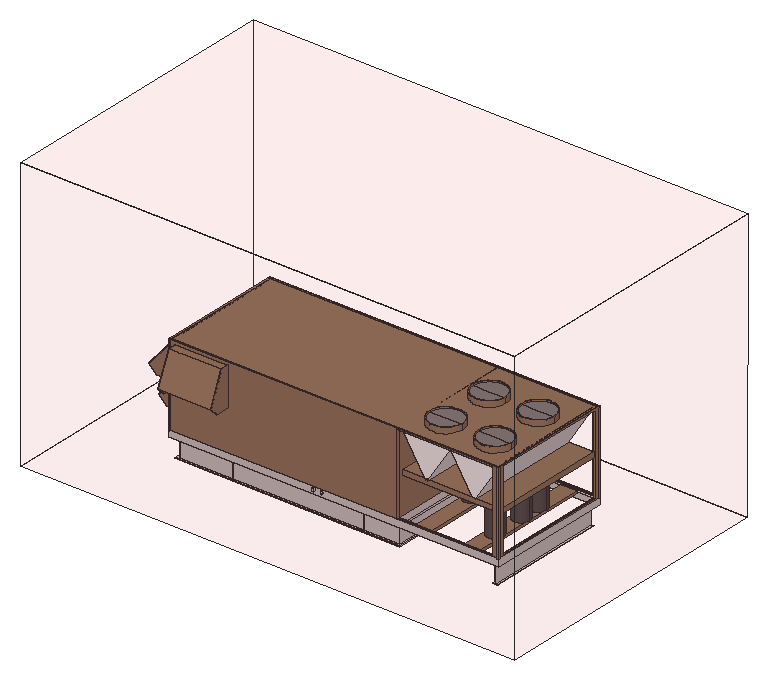
Revit family (continued)
Definition of nested family "Commercial_Comfort_Systems-Series_40-JCI-Economizer_Hood"
  Dimensions and locks (in)
    aligned and locked: plane 10 "Left" to curve 13
    aligned and locked: curve 12 to plane 5 "Top"
    aligned and locked: curve 13 to plane 5 "Top"
    aligned and locked: plane 9 "Right" to curve 14
    aligned and locked: plane 9 "Right" to curve 15
    aligned and locked: plane 10 "Left" to curve 14
    aligned and locked: plane 10 "Left" to curve 15
    aligned and locked: curve 14 to plane 2 "Bottom"
    aligned and locked: curve 15 to plane 8 "Bottom Inset"
    aligned and locked: plane 5 "Top" to Extrusion 1
    aligned and locked: Extrusion 3 to plane 13 "Top Inset"  (x5)
    aligned and locked: plane 5 "Top" to Extrusion 3
    aligned and locked: plane 5 "Top" to Extrusion 2
    aligned and locked: plane 5 "Top" to Masking region 1
    aligned and locked: plane 10 "Left" to Extrusion 4 sketch curve
    aligned and locked: plane 16 "Cap Back" to Extrusion 4 sketch curve
    aligned and locked: Extrusion 4 sketch curve to plane 1 "Back"
    aligned and locked: plane 9 "Right" to Extrusion 4 sketch curve
    aligned and locked: plane 5 "Top" to Extrusion 4
    aligned and locked: Extrusion 4 to plane 2 "Bottom"
    aligned and locked: plane 1 "Back" to curve 12  (x2)
    aligned and locked: curve 17 to plane 9 "Right"
    aligned and locked: plane 16 "Cap Back" to Extrusion 4
    aligned and locked: plane 16 "Cap Back" to curve 18
    aligned and locked: plane 10 "Left" to curve 18
    aligned and locked: plane 9 "Right" to curve 18
    aligned and locked: curve 19 to plane 9 "Right"
    aligned and locked: plane 5 "Top" to curve 19
    aligned and locked: curve 20 to plane 2 "Bottom"
    aligned and locked: plane 9 "Right" to curve 20
    aligned and locked: plane 10 "Left" to curve 20
    aligned and locked: plane 10 "Left" to curve 21
    aligned and locked: plane 5 "Top" to curve 21
    aligned and locked: plane 2 "Bottom" to curve 21
    aligned and locked: plane 16 "Cap Back" to curve 22
    aligned and locked: plane 1 "Back" to curve 22
    aligned and locked: curve 22 to plane 10 "Left"
    aligned and locked: plane 16 "Cap Back" to curve 23
    aligned and locked: plane 1 "Back" to curve 23
    aligned and locked: plane 9 "Right" to curve 23
  Automatic sketch dimensions
    curve 17 to plane 1 "Back" = 0"
    curve 16 to plane 1 "Back" = 0"
Definition of nested family "Commercial_Comfort_Systems-Series_40-JCI-Condenser_Coil"
  Parameters (values of type "Condenser_Coil")
    Width = 67"
    Thickness = 2"
    Material = none
    Height = 27 3/8"
    Depth = 84"
    Condenser Material = Metal - JCI - Aluminum - Perforated - Micro Channel
    Assembly Code = ""
  Reference planes (in)
    plane 1 "Center (Front/Back)": y = 0
    plane 2 "Bottom": z = 0
    plane 3 "Center (Left/Right)": x = 0
    plane 4: x = -33.5
    plane 5 "Right": x = 33.5
    plane 6 "Top": z = 27.375
    plane 7 "Front": y = -42
    plane 8 "Back": y = 42
    plane 9: x = -16.75
    plane 10: x = 16.75
    plane 11: x = 17.75
    plane 12: x = 15.75
    plane 13: x = 1
    plane 14: x = -1
    plane 15: x = -15.75
    plane 16: x = -17.75
    plane 17: x = 32.5
    plane 18: x = 34.5
    plane 19: x = -34.5
    plane 20: x = -32.5
    plane 21 "Top Inset": z = 26.375
    plane 22 "Bottom Inset": z = 1
    plane 23 "Top of Angle": z = 24.86007
  Forms (in)
    Extrusion 1, solid, material "Metal - JCI - Aluminum - Perforated - Micro Channel" <- "Condenser Material", detail levels fine
      sketch origin (0, 0, 0) x (1, 0, 0) y (0, 0, 1)
        loop
          line (34.5, 26.375) -> (34.5, 27.375) -> (-34.5, 27.375) -> (-34.5, 26.375) -> (-17.75, 1) -> (-15.75, 1) -> (0, 24.86007) -> (15.75, 1) -> (17.75, 1) -> (34.5, 26.375)
      from -42 to 42
  Lines and regions (in)
    Masking region 1, detail levels fine
      outline origin (0, 0, 0) x (1, 0, 0) y (0, 1, 0)
        loop
          line (-34.5, 42) -> (-34.5, -42) -> (34.5, -42) -> (34.5, 42) -> (-34.5, 42)
    Masking region 2, detail levels fine
      outline origin (0, 0, 0) x (1, 0, 0) y (0, 0, 1)
        loop
          line (-34.5, 27.375) -> (-34.5, 26.375) -> (-17.75, 1) -> (-17.75, 0) -> (-15.75, 0) -> (-15.75, 1) -> (0, 24.86007) -> (15.75, 1) -> (15.75, 0) -> (17.75, 0) -> (17.75, 1) -> (34.5, 26.375) -> (34.5, 27.375) -> (-34.5, 27.375)
    Masking region 3, detail levels fine
      outline origin (0, 0, 0) x (0, 1, 0) y (0, 0, 1)
        loop
          line (-42, 27.375) -> (-42, 0) -> (42, 0) -> (42, 27.375) -> (-42, 27.375)
    model lines, detail levels medium
      curve 1: line (-34.5, -42, 27.375) -> (34.5, -42, 27.375)
      curve 2: line (-17.75, -42, 1) -> (-15.75, -42, 1)
      curve 3: line (15.75, -42, 1) -> (17.75, -42, 1)
      curve 4: line (-34.5, -42, 27.375) -> (-34.5, -42, 26.375)
      curve 5: line (34.5, -42, 27.375) -> (34.5, -42, 26.375)
      curve 6: line (-34.5, 42, 27.375) -> (34.5, 42, 27.375)
      curve 7: line (34.5, 42, 27.375) -> (34.5, 42, 26.375)
      curve 8: line (-34.5, 42, 27.375) -> (-34.5, 42, 26.375)
      curve 9: line (-17.75, 42, 1) -> (-15.75, 42, 1)
      curve 10: line (15.75, 42, 1) -> (17.75, 42, 1)
    model lines, style "Condenser Coil", detail levels medium
      curve 11: line (34.5, 42, 26.375) -> (17.75, 42, 1)
      curve 12: line (0, 42, 24.86007) -> (15.75, 42, 1)
      curve 13: line (-34.5, 42, 26.375) -> (-17.75, 42, 1)
      curve 14: line (0, 42, 24.86007) -> (-15.75, 42, 1)
      curve 15: line (34.5, -42, 26.375) -> (17.75, -42, 1)
      curve 16: line (0, -42, 24.86007) -> (15.75, -42, 1)
      curve 17: line (0, -42, 24.86007) -> (-15.75, -42, 1)
      curve 18: line (-34.5, -42, 26.375) -> (-17.75, -42, 1)
      curve 19: line (34.5, 42, 27.375) -> (34.5, -42, 27.375)
      curve 20: line (-34.5, 42, 27.375) -> (-34.5, -42, 27.375)
      curve 21: line (-17.75, 42, 1) -> (-17.75, -42, 1)
      curve 22: line (-15.75, 42, 1) -> (-15.75, -42, 1)
      curve 23: line (15.75, 42, 1) -> (15.75, -42, 1)
      curve 24: line (17.75, 42, 1) -> (17.75, -42, 1)
      curve 25: line (0, -42, 24.86007) -> (0, 42, 24.86007)
  Dimensions and locks (in)
    "Height": plane 6 "Top" to plane 2 "Bottom"
    equal spacing: plane 8 "Back", plane 1 "Center (Front/Back)", plane 7 "Front"
    "Depth": plane 8 "Back" to plane 7 "Front"
    equal spacing: plane 5 "Right", plane 10, plane 3 "Center (Left/Right)", plane 9, plane 4
    "Width": plane 5 "Right" to plane 4
    equal spacing: plane 18, plane 5 "Right", plane 17
    equal spacing: plane 12, plane 10, plane 11
    equal spacing: plane 14, plane 3 "Center (Left/Right)", plane 13
    equal spacing: plane 16, plane 9, plane 15
    equal spacing: plane 19, plane 4, plane 20
    "Thickness": plane 20 to plane 19
    "Thickness": plane 15 to plane 16
    "Thickness": plane 13 to plane 14
    "Thickness": plane 11 to plane 12
    "Thickness": plane 18 to plane 17
    locked: plane 6 "Top" to plane 21 "Top Inset" at 1
    locked: plane 22 "Bottom Inset" to plane 2 "Bottom" at 1
    locked: plane 6 "Top" to plane 23 "Top of Angle" at 2.51493
    aligned and locked: level to plane 2 "Bottom"
    aligned and locked: plane 22 "Bottom Inset" to Extrusion 1 sketch curve  (x3)
    aligned and locked: plane 16 to Extrusion 1 sketch curve
    aligned and locked: plane 12 to Extrusion 1 sketch curve
    aligned and locked: plane 21 "Top Inset" to Extrusion 1 sketch curve  (x2)
    aligned and locked: plane 15 to Extrusion 1 sketch curve
    aligned and locked: plane 11 to Extrusion 1 sketch curve
    aligned and locked: Extrusion 1 sketch curve to plane 22 "Bottom Inset"
    aligned and locked: Extrusion 1 to plane 8 "Back"
    aligned and locked: Extrusion 1 to plane 7 "Front"
    aligned and locked: plane 19 to Masking region 1 sketch curve
    aligned and locked: plane 18 to Masking region 1 sketch curve
    aligned and locked: plane 8 "Back" to Masking region 1 sketch curve
    aligned and locked: plane 7 "Front" to Masking region 1 sketch curve
    aligned and locked: plane 2 "Bottom" to Masking region 2 sketch curve  (x2)
    aligned and locked: plane 16 to Masking region 2 sketch curve
    aligned and locked: plane 12 to Masking region 2 sketch curve
    aligned and locked: plane 11 to Masking region 2 sketch curve
    aligned and locked: plane 18 to Masking region 2 sketch curve
    aligned and locked: Masking region 2 sketch curve to plane 6 "Top"
    aligned and locked: plane 21 "Top Inset" to Masking region 2 sketch curve  (x2)
    aligned and locked: plane 22 "Bottom Inset" to Masking region 2 sketch curve  (x4)
    aligned and locked: plane 3 "Center (Left/Right)" to Masking region 2 sketch curve
    aligned and locked: plane 15 to Masking region 2 sketch curve
    aligned and locked: plane 19 to Masking region 2 sketch curve
    aligned and locked: plane 18 to Extrusion 1 sketch curve
    aligned and locked: plane 19 to Extrusion 1 sketch curve
    aligned and locked: Extrusion 1 sketch curve to plane 6 "Top"
    aligned and locked: plane 18 to curve 6
    aligned and locked: plane 18 to curve 1
    aligned and locked: plane 6 "Top" to curve 5
    aligned and locked: plane 6 "Top" to curve 7
    aligned and locked: plane 21 "Top Inset" to curve 7
    aligned and locked: plane 21 "Top Inset" to curve 5
    aligned and locked: plane 19 to curve 6
    aligned and locked: plane 19 to curve 1
    aligned and locked: curve 1 to plane 6 "Top"
    aligned and locked: curve 6 to plane 6 "Top"
    aligned and locked: plane 15 to curve 2
    aligned and locked: plane 12 to curve 3
    aligned and locked: plane 11 to curve 3
    aligned and locked: plane 11 to curve 10
    aligned and locked: curve 3 to plane 22 "Bottom Inset"
    aligned and locked: curve 10 to plane 22 "Bottom Inset"
    aligned and locked: plane 18 to curve 11
    aligned and locked: plane 22 "Bottom Inset" to curve 11
    aligned and locked: plane 12 to curve 12
    aligned and locked: plane 15 to curve 14
    aligned and locked: plane 22 "Bottom Inset" to curve 2
    aligned and locked: plane 19 to curve 13
    aligned and locked: plane 16 to curve 13
    aligned and locked: plane 3 "Center (Left/Right)" to curve 14
    aligned and locked: plane 18 to curve 15
    aligned and locked: plane 22 "Bottom Inset" to curve 15
    aligned and locked: plane 3 "Center (Left/Right)" to curve 17
    aligned and locked: plane 22 "Bottom Inset" to curve 17
    aligned and locked: plane 16 to curve 18
    aligned and locked: plane 19 to curve 18
    aligned and locked: plane 21 "Top Inset" to curve 18
    aligned and locked: plane 8 "Back" to curve 19
    aligned and locked: plane 8 "Back" to curve 24
    aligned and locked: plane 8 "Back" to curve 23
    aligned and locked: plane 8 "Back" to curve 22
    aligned and locked: plane 8 "Back" to curve 21
    aligned and locked: plane 8 "Back" to curve 20
    aligned and locked: plane 7 "Front" to curve 19
    aligned and locked: plane 7 "Front" to curve 24
    aligned and locked: plane 7 "Front" to curve 23
    aligned and locked: plane 7 "Front" to curve 22
    aligned and locked: plane 7 "Front" to curve 21
    aligned and locked: plane 7 "Front" to curve 20
    aligned and locked: plane 18 to curve 19
    aligned and locked: plane 11 to curve 24
    aligned and locked: curve 23 to plane 12
    aligned and locked: plane 15 to curve 22
    aligned and locked: curve 21 to plane 16
    aligned and locked: curve 20 to plane 19
    aligned and locked: plane 8 "Back" to curve 25
    aligned and locked: plane 7 "Front" to curve 25
    aligned and locked: curve 25 to plane 23 "Top of Angle"
    aligned and locked: Masking region 3 sketch curve to plane 6 "Top"
    aligned and locked: plane 8 "Back" to Masking region 3 sketch curve
    aligned and locked: plane 2 "Bottom" to Masking region 3 sketch curve
    aligned and locked: plane 7 "Front" to Masking region 3 sketch curve
  Automatic sketch dimensions
    Masking region 2 sketch curve to plane 21 "Top Inset" = 1.51493"
    Extrusion 1 sketch curve to plane 3 "Center (Left/Right)" = 0"
    Extrusion 1 sketch curve to plane 21 "Top Inset" = 1.51493"
    curve 13 to plane 22 "Bottom Inset" = 0"
    curve 8 to plane 21 "Top Inset" = 0"
    plane 21 "Top Inset" to curve 12 = 1.51493"
    curve 16 to plane 21 "Top Inset" = 1.51493"
Definition of nested family "Commercial_Comfort_Systems-Series_40-JCI-Compressor"
  Parameters (values of type "Compressor")
    Model = "Compressor"  # constant formula
    Manufacturer = "York"  # constant formula
    Cylinder Material = Metal - JCI - Cast Iron - Coated Black
    Assembly Code = ""
  Reference planes (in)
    plane 1 "Center (Front/Back)": y = 0
    plane 2 "Compressor Bottom": z = 0
    plane 3 "Center (Left/Right)": x = 0
    plane 4 "Compressor Top": z = 20
  Forms (in)
    Sweep 1, solid, material "Metal - JCI - Cast Iron - Coated Black" <- "Cylinder Material", detail levels fine
      path origin (0, 0, 0) x (1, 0, 0) y (0, 0, 1)
        loop
          line (0, 0) -> (0, 20)
      profile origin (0, 0, 10) x (-1, 0, 0) y (0, -1, 0)
        loop
          circle (0, 0) r 6
  Lines and regions (in)
    Masking region 1, detail levels fine
      outline origin (0, 0, 0) x (1, 0, 0) y (0, 0, 1)
        loop
          line (-6, 20) -> (-6, 0) -> (6, 0) -> (6, 20) -> (-6, 20)
    Masking region 2, detail levels fine
      outline origin (0, 0, 0) x (0, 1, 0) y (0, 0, 1)
        loop
          line (6, 20) -> (-6, 20) -> (-6, 0) -> (6, 0) -> (6, 20)
    model lines, style "Compressor Fine", detail levels medium
      curve 1: circle (0, 0, 20) r 6 normal (0, 0, 1)
      curve 2: circle (0, 0, 0) r 6 normal (0, 0, 1)
      curve 3: line (0, 6, 20) -> (0, 6, 0)
      curve 4: line (0, -6, 20) -> (0, -6, 0)
      curve 5: line (-6, 0, 20) -> (-6, 0, 0)
      curve 6: line (6, 0, 20) -> (6, 0, 0)
  Dimensions and locks (in)
    locked: curve 3 to plane 1 "Center (Front/Back)" at 6
    locked: plane 1 "Center (Front/Back)" to curve 4 at 6
    locked: curve 5 to plane 3 "Center (Left/Right)" at 6
    locked: plane 3 "Center (Left/Right)" to curve 6 at 6
    aligned and locked: plane 1 "Center (Front/Back)" to Sweep 1
    aligned and locked: curve 1 to Sweep 1
    aligned and locked: curve 2 to Sweep 1
    aligned and locked: plane 4 "Compressor Top" to curve 3
    aligned and locked: plane 4 "Compressor Top" to curve 4
    aligned and locked: plane 2 "Compressor Bottom" to curve 4
    aligned and locked: plane 2 "Compressor Bottom" to curve 3
    aligned and locked: plane 4 "Compressor Top" to curve 5
    aligned and locked: plane 4 "Compressor Top" to curve 6
    aligned and locked: plane 2 "Compressor Bottom" to curve 6
    aligned and locked: plane 2 "Compressor Bottom" to curve 5
    aligned and locked: Masking region 1 sketch curve to curve 5
    aligned and locked: Masking region 1 sketch curve to curve 1
    aligned and locked: curve 2 to Masking region 1 sketch curve
    aligned and locked: Masking region 1 sketch curve to curve 6
    aligned and locked: Masking region 2 sketch curve to plane 4 "Compressor Top"
    aligned and locked: plane 2 "Compressor Bottom" to Masking region 2 sketch curve
    aligned and locked: Masking region 2 sketch curve to curve 4
    aligned and locked: Masking region 2 sketch curve to curve 3
Definition of nested family "Commercial_Comfort_Systems-Series_40-JCI-Condenser_Fan_1"
  Parameters (values of type "Fan")
    Radius 2 = Radius - 1/4"  # 14 3/4"
    Radius = if(1 = 1, Diameter / 2, 1")  # 15"
    Height = 4"  # constant formula
    Frame Material = Paint - JCI - Powder Coated - Champagne
    Fan Blade Cover Material = Metal - JCI - Steel - Galvanized With Wood Nailer
    Diameter = 30"
    Assembly Code = ""
    30 inch fan = Diameter = 30"  # yes
  Reference planes (in)
    plane 1 "Center (Front/Back)": y = 0
    plane 2 "Bottom": z = 0
    plane 3 "Center (Left/Right)": x = 0
    plane 4 "Back": y = 15
    plane 5 "Front": y = -15
    plane 6 "Left": x = -15
    plane 7 "Right": x = 15
    plane 8 "Top": z = 4
    plane 9 "Right Inset": x = 14.75
    plane 10 "Top Inset": z = 3.5
  Forms (in)
    Revolve 1, solid, material "Metal - JCI - Steel - Galvanized With Wood Nailer" <- "Fan Blade Cover Material", detail levels fine
      sketch origin (0, 0, 0) x (1, 0, 0) y (0, 0, 1)
        loop
          line (0, 3.5) -> (0, 0) -> (14.75, 0) -> (14.75, 3.5) -> (0, 3.5)
        axis (0, 3.5) -> (0, 0)
      angle from 0 to 360
    Revolve 2, solid, material "Paint - JCI - Powder Coated - Champagne" <- "Frame Material", detail levels fine
      sketch origin (0, 0, 0) x (1, 0, 0) y (0, 0, 1)
        loop
          line (14.75, 0) -> (15, 0) -> (15, 4) -> (14.75, 4) -> (14.75, 0)
        axis (0, 4) -> (0, 0)
      angle from 0 to 360
    Revolve 3, solid, material "Paint - JCI - Powder Coated - Champagne" <- "Frame Material", detail levels medium
      sketch origin (0, 0, 0) x (1, 0, 0) y (0, 0, 1)
        loop
          line (0, 4) -> (0, 0) -> (15, 0) -> (15, 4) -> (0, 4)
        axis (0, 4) -> (0, 0)
      angle from 0 to 360
  Lines and regions (in)
    Masking region 1
      outline origin (0, 0, 0) x (1, 0, 0) y (0, 1, 0)
        loop
          circle (0, 0) r 15
    Masking region 2
      outline origin (0, 0, 0) x (1, 0, 0) y (0, 0, 1)
        loop
          line (-15, 4) -> (-15, 0) -> (15, 0) -> (15, 4) -> (-15, 4)
    Masking region 3
      outline origin (0, 0, 0) x (0, 1, 0) y (0, 0, 1)
        loop
          line (-15, 4) -> (-15, 0) -> (15, 0) -> (15, 4) -> (-15, 4)
    model lines, style "Fan Fine", detail levels coarse
      curve 1: circle (0, 0, 0) r 15 normal (0, 0, 1)
      curve 2: circle (0, 0, 4) r 15 normal (0, 0, 1)
      curve 3: line (15, 0, 4) -> (15, 0, 0)
      curve 4: line (-15, 0, 4) -> (-15, 0, 0)
      curve 5: line (0, 15, 4) -> (0, 15, 0)
      curve 6: line (0, -15, 4) -> (0, -15, 0)
    symbolic lines, style "Fan Fine", detail levels fine
      curve 7: circle (0, 0, 0) r 14.75 normal (0, 0, 1)
  Dimensions and locks (in)
    equal spacing: plane 5 "Front", plane 1 "Center (Front/Back)", plane 4 "Back"
    "Diameter": plane 5 "Front" to plane 4 "Back"
    equal spacing: plane 6 "Left", plane 3 "Center (Left/Right)", plane 7 "Right"
    "Diameter": plane 6 "Left" to plane 7 "Right"
    "Height": plane 8 "Top" to plane 2 "Bottom"
    locked: plane 9 "Right Inset" to plane 7 "Right" at 0.25
    locked: plane 8 "Top" to plane 10 "Top Inset" at 0.5
    "Radius": plane 3 "Center (Left/Right)" to curve 1
    "Radius": curve 1 to plane 1 "Center (Front/Back)"
    "Radius": curve 2 to plane 1 "Center (Front/Back)"
    "Radius": plane 3 "Center (Left/Right)" to curve 2
    "Radius": plane 3 "Center (Left/Right)" to Masking region 1 sketch curve
    "Radius": plane 1 "Center (Front/Back)" to Masking region 1 sketch curve
    "Radius 2": plane 3 "Center (Left/Right)" to curve 7
    "Radius 2": plane 1 "Center (Front/Back)" to curve 7
    "Radius": radius of curve 1
    "Radius": radius of curve 2
    "Radius": radius of Masking region 1 sketch curve
    "Radius 2": radius of curve 7
    aligned and locked: Revolve 1 sketch curve to plane 3 "Center (Left/Right)"
    aligned and locked: Revolve 1 sketch curve to Revolve 1 sketch curve
    aligned and locked: plane 2 "Bottom" to Revolve 1 sketch curve
    aligned and locked: Revolve 2 sketch curve to plane 3 "Center (Left/Right)"
    aligned and locked: Revolve 2 sketch curve to plane 8 "Top"
    aligned and locked: plane 2 "Bottom" to Revolve 2 sketch curve
    aligned and locked: plane 7 "Right" to Revolve 2 sketch curve
    aligned and locked: Revolve 2 sketch curve to plane 9 "Right Inset"
    aligned and locked: plane 9 "Right Inset" to Revolve 1 sketch curve
    aligned and locked: Revolve 1 sketch curve to plane 10 "Top Inset"
    aligned and locked: Revolve 3 sketch curve to plane 3 "Center (Left/Right)"
    aligned and locked: Revolve 3 sketch curve to Revolve 3 sketch curve
    aligned and locked: plane 2 "Bottom" to Revolve 3 sketch curve
    aligned and locked: plane 7 "Right" to Revolve 3 sketch curve
    aligned and locked: Revolve 3 sketch curve to plane 8 "Top"
    aligned and locked: plane 2 "Bottom" to curve 3
    aligned and locked: plane 2 "Bottom" to curve 4
    aligned and locked: plane 8 "Top" to curve 3
    aligned and locked: plane 8 "Top" to curve 4
    aligned and locked: plane 7 "Right" to curve 3
    aligned and locked: curve 4 to plane 6 "Left"
    aligned and locked: plane 2 "Bottom" to curve 5
    aligned and locked: plane 8 "Top" to curve 5
    aligned and locked: plane 2 "Bottom" to curve 6
    aligned and locked: plane 8 "Top" to curve 6
    aligned and locked: curve 5 to plane 4 "Back"
    aligned and locked: plane 5 "Front" to curve 6
    aligned and locked: Masking region 2 sketch curve to plane 8 "Top"
    aligned and locked: plane 2 "Bottom" to Masking region 2 sketch curve
    aligned and locked: plane 7 "Right" to Masking region 2 sketch curve
    aligned and locked: plane 6 "Left" to Masking region 2 sketch curve
    aligned and locked: Masking region 3 sketch curve to plane 8 "Top"
    aligned and locked: Masking region 3 sketch curve to plane 4 "Back"
    aligned and locked: plane 2 "Bottom" to Masking region 3 sketch curve
    aligned and locked: Masking region 3 sketch curve to plane 5 "Front"
  Automatic sketch dimensions
    Revolve 1 sketch curve to level = 24"
    Revolve 1 sketch curve to Revolve 1 sketch curve = 87.70035"
    Revolve 2 sketch curve to level = 24"
    plane 8 "Top" to Revolve 2 sketch curve = 87.20035"
    Revolve 3 sketch curve to level = 24"
    Revolve 3 sketch curve to Revolve 3 sketch curve = 87.20035"
Definition of nested family "Commercial_Comfort_Systems-Series_40-JCI-Screen_Door_Detail"
  Parameters (values of type "Screen")
    Width = 32"
    Depth = 34"
    Assembly Code = ""
  Reference planes (in)
    plane 1 "Center (Front/Back)": y = 0
    plane 2: z = 0
    plane 3 "Center (Left/Right)": x = 0
    plane 4 "Left": x = -16
    plane 5 "Back": y = 17
    plane 6 "Right": x = 16
    plane 7 "Front": y = -17
  Lines and regions (in)
    Filled region 1, type "Concrete Block", in view "Ref. Level"
      outline origin (0, 0, 0) x (1, 0, 0) y (0, 1, 0)
        loop
          line (-16, 17) -> (-16, -17) -> (16, -17) -> (16, 17) -> (-16, 17)
  Dimensions and locks (in)
    equal spacing: plane 7 "Front", plane 1 "Center (Front/Back)", plane 5 "Back"
    "Depth": plane 7 "Front" to plane 5 "Back"
    equal spacing: plane 4 "Left", plane 3 "Center (Left/Right)", plane 6 "Right"
    "Width": plane 4 "Left" to plane 6 "Right"
    aligned and locked: Filled region 1 sketch curve to plane 4 "Left"
    aligned and locked: Filled region 1 sketch curve to plane 5 "Back"
    aligned and locked: Filled region 1 sketch curve to plane 6 "Right"
    aligned and locked: Filled region 1 sketch curve to plane 7 "Front"
